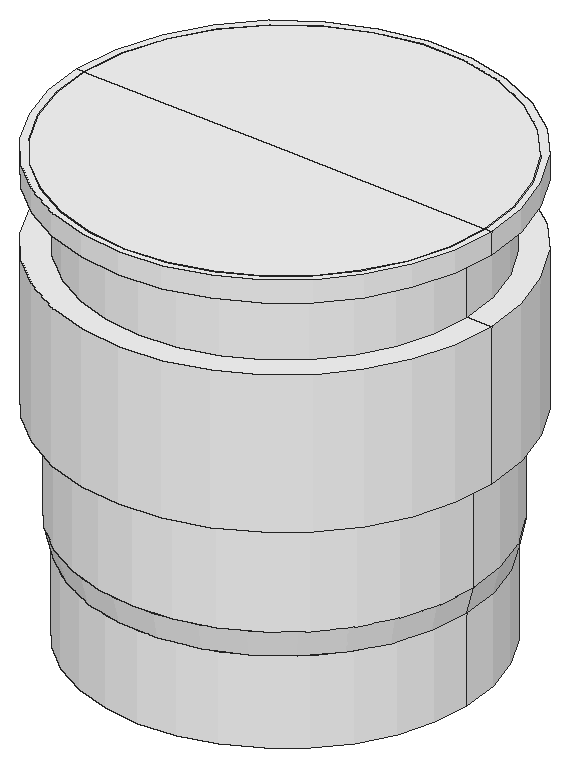
Revit family "Plumbing Fixture-FloorDrain_Mifab_C1220", category Plumbing Fixtures, host Face, Revit 2013
Parameters (values of type "4"")
  WFU = 0
  URL = "WWW.MIFAB.COM"
  Top Assembly Height = 1.027"
  Strainer Radius = Stainer Diameter / 2  # 2.500"
  Stainer Diameter = 5.000"
  Pipe Radius = Pipe Diameter / 2  # 2.000"
  Pipe Diameter = 4.000"
  Model = "C1220"
  Manufacturer = "MIFAB"
  Floor Drain Material = Paint - Sherwin Williams Paint - #952C2A - Bellwood Red
  Description = "FLOOR CLEANOUT WITH AJUSTABLE COVER AND SECONDARY CLOSURE PLUG"
  Default Elevation = 0.000"
  Body Height = 4.200"
Types (4): name | Pipe Radius | Pipe Diameter
  (no name) | 2.000" | 4.000"
  3" | 1.500" | 3.000"
  2" | 1.000" | 2.000"
  4" | 2.000" | 4.000"
Reference planes (in)
  plane 1 "Center (Front/Back)": y = 0
  plane 2: z = 0
  plane 3 "Center (Left/Right)": x = 0
  plane 4: x = -2.5
  plane 5: x = 2.5
  plane 6: z = -5.227
  plane 7: x = -2
  plane 8: x = 2
  plane 9: x = -2.31968
  plane 10: x = 2.31968
  plane 11: z = -1.027
Forms (in)
  Revolve 1, solid, material "Paint - Sherwin Williams Paint - #952C2A - Bellwood Red" <- "Floor Drain Material"
    sketch origin (0, 0, 0) x (1, 0, 0) y (0, 0, 1)
      loop
        line (2, -5.227) -> (2.205, -5.227) -> (2.205, -4.227) -> (2.28, -3.927) -> (2.28, -2.727) -> (2.5, -2.727) -> (2.5, -1.027) -> (2.2, -1.027) -> (2.2, -1.777) -> (2.32, -1.777) -> (2.32, -2.627) -> (2, -2.627) -> (2, -3.327) -> (2.1, -3.327) -> (2.1, -3.66396) -> (2, -3.977) -> (2, -5.227)
      axis (0, -1.027) -> (0, -5.227)
    angle from 0 to 360
  Revolve 2, solid, material "Paint - Sherwin Williams Paint - #952C2A - Bellwood Red" <- "Floor Drain Material"
    sketch origin (0, 0, 0) x (1, 0, 0) y (0, 0, 1)
      loop
        line (2.2, -2.097) -> (2.2, -0.25) -> (2.5, -0.25) -> (2.5, 0) -> (2.42, 0) -> (2.42, -0.16) -> (2.05, -0.16) -> (2.05, -2.177) -> (2.12, -2.177) -> (2.2, -2.097)
      axis (0, 0) -> (0, -2.177)
    angle from 0 to 360
  Revolve 3, solid, material "Paint - Sherwin Williams Paint - #952C2A - Bellwood Red" <- "Floor Drain Material"
    sketch origin (0, 0, 0) x (1, 0, 0) y (0, 0, 1)
      loop
        line (0, 0) -> (0, -0.16) -> (2.42, -0.16) -> (2.42, 0) -> (0, 0)
      axis (0, 0) -> (0, -0.16)
    angle from 0 to 360
  Revolve 4, solid, material "Paint - Sherwin Williams Paint - #952C2A - Bellwood Red" <- "Floor Drain Material"
    sketch origin (0, 0, 0) x (1, 0, 0) y (0, 0, 1)
      loop
        line (0, -2.25297) -> (0.64, -2.25297) -> (0.64, -2.60297) -> (1.825, -2.60297) -> (1.825, -3.00297) -> (1.89, -3.00297) -> (1.89, -3.217) -> (2, -3.327) -> (2, -2.57297) -> (1.89, -2.46297) -> (0.75, -2.46297) -> (0.75, -2.11297) -> (0, -2.11297) -> (0, -2.25297)
      axis (0, -3.327) -> (0, -2.11297)
    angle from 0 to 360
Lines and regions (in)
  symbolic lines
    curve 1: circle (0, 0, 0) r 2.5 normal (0, 0, 1)
  symbolic lines, style "PlumbingFixtures"
    curve 2: circle (0, 0, 0) r 1.00382 normal (0, 0, 1)
Dimensions and locks (in)
  equal spacing: plane 5, plane 3 "Center (Left/Right)", plane 4
  "Stainer Diameter": plane 5 to plane 4
  "Body Height": plane 11 to plane 6
  equal spacing: plane 8, plane 3 "Center (Left/Right)", plane 7
  "Pipe Diameter": plane 8 to plane 7
  "Top Assembly Height": host face to plane 11
  locked: Revolve 1 sketch curve to Revolve 1 sketch curve at 0.205
  "Strainer Radius": radius of curve 1
  aligned and locked: plane 2 to host face
  aligned and locked: level to host face
  aligned and locked: plane 1 "Center (Front/Back)" to curve 1
  aligned and locked: plane 3 "Center (Left/Right)" to curve 1
  aligned and locked: Revolve 1 sketch curve to plane 8
  aligned and locked: Revolve 1 sketch curve to plane 11
  aligned and locked: Revolve 2 sketch curve to plane 3 "Center (Left/Right)"
  aligned and locked: Revolve 3 sketch curve to host face
  aligned and locked: plane 3 "Center (Left/Right)" to Revolve 3 sketch curve
  aligned and locked: Revolve 3 sketch curve to Revolve 2  (x2)
  aligned and locked: Revolve 3 sketch curve to Revolve 3 sketch curve
  aligned and locked: Revolve 1 sketch curve to plane 6
  aligned and locked: plane 3 "Center (Left/Right)" to Revolve 4 sketch curve
Automatic sketch dimensions
  host sketch curve to host sketch curve = 96.000"  (x2)
  Revolve 2 sketch curve to level = 0.000"  (x2)
  plane 5 to Revolve 2 sketch curve = 0.000"
  plane 10 to Revolve 2 sketch curve = 0.19968"
  Revolve 2 sketch curve to plane 11 = 1.150"
  Revolve 2 sketch curve to plane 6 = 0.000"
  plane 10 to Revolve 2 sketch curve = 0.26968"
  Revolve 2 sketch curve to Revolve 2 sketch curve = 0.080"  (x2)
  plane 5 to Revolve 2 sketch curve = 0.080"
  Revolve 2 sketch curve to level = 0.250"
  Revolve 2 sketch curve to level = 0.160"
  plane 11 to Revolve 3 sketch curve = 0.1943"
  Revolve 3 sketch curve to Revolve 3 sketch curve = 0.1943"
  plane 5 to Revolve 1 sketch curve = 0.000"
  plane 10 to Revolve 1 sketch curve = 0.03968"
  plane 6 to Revolve 1 sketch curve = 1.300"
  Revolve 1 sketch curve to plane 3 "Center (Left/Right)" = 0.000"
  Revolve 1 sketch curve to Revolve 1 sketch curve = 0.280"
  Revolve 1 sketch curve to Revolve 1 sketch curve = 0.100"  (x2)
  plane 10 to Revolve 1 sketch curve = 0.11968"
  Revolve 1 sketch curve to plane 10 = 0.00032"
  Revolve 1 sketch curve to Revolve 1 sketch curve = 0.26304"
  Revolve 1 sketch curve to Revolve 1 sketch curve = 0.33696"
  Revolve 1 sketch curve to Revolve 1 sketch curve = 0.600"
  Revolve 1 sketch curve to plane 11 = 0.750"
  Revolve 1 sketch curve to plane 6 = 21.500"
  level to Revolve 1 sketch curve = 102.71882"
  plane 6 to Revolve 1 sketch curve = 1.250"
  plane 6 to Revolve 1 sketch curve = 1.000"
  Revolve 4 sketch curve to plane 3 "Center (Left/Right)" = 0.000"
  plane 10 to Revolve 4 sketch curve = 0.31968"
  plane 6 to Revolve 4 sketch curve = 1.900"
  Revolve 4 sketch curve to Revolve 4 sketch curve = 0.640"
  Revolve 4 sketch curve to Revolve 4 sketch curve = 0.110"  (x2)
  Revolve 4 sketch curve to Revolve 4 sketch curve = 0.175"
  Revolve 4 sketch curve to Revolve 4 sketch curve = 0.065"  (x2)
  Revolve 4 sketch curve to Revolve 4 sketch curve = 0.21403"
  Revolve 4 sketch curve to Revolve 4 sketch curve = 0.400"
  Revolve 4 sketch curve to Revolve 4 sketch curve = 0.030"
  Revolve 4 sketch curve to Revolve 4 sketch curve = 0.140"  (x2)
  Revolve 4 sketch curve to Revolve 4 sketch curve = 0.210"
  Revolve 4 sketch curve to Revolve 4 sketch curve = 0.75977"
  Revolve 4 sketch curve to Revolve 4 sketch curve = 0.12098"
  curve 1 to curve 2 = 0.000"  (x2)
  plane 1 "Center (Front/Back)" to curve 2 = 0.000"
  curve 2 to plane 3 "Center (Left/Right)" = 0.000"
  radius of curve 2 = 1.00382"
Connectors (in)
  piping at (0, 0, -5.227), driven by "Pipe Radius"
    settings: on Revolve 1, index 1, connector radius 2", flow factor 0, pipe flow 0 GPM, pressure drop 0.00 psi, fitting loss kfactor 0, connector angle 0.00°, fixture units 0, engagement length 0.000", flow configuration 0, flow direction 0, fitting loss method 0, system type 7, joint type 0, gender type 0, connector reference index -1, connector utility 0, adjustable connector no, is connector primary yes, fitting loss table "", connector description ""
